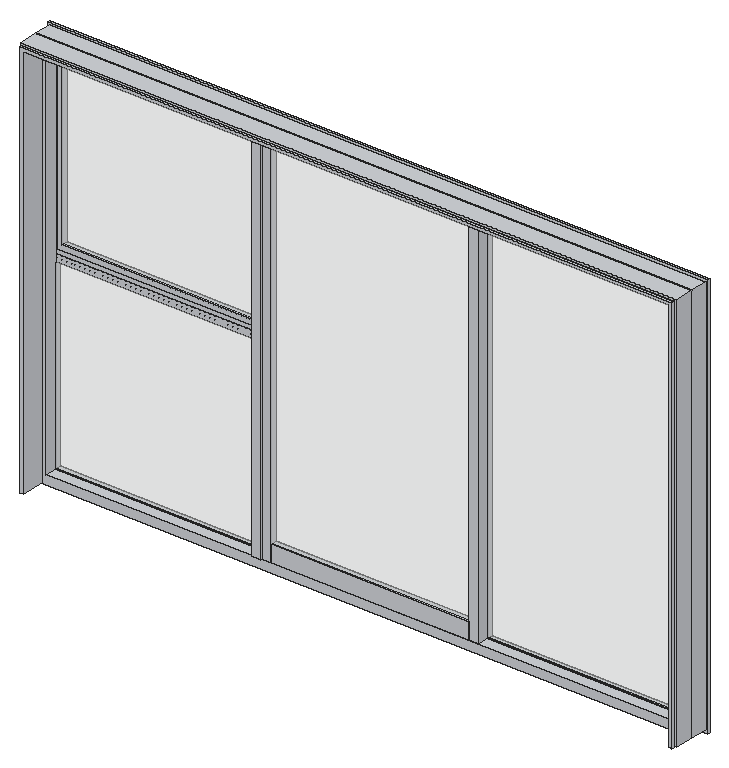
Revit family "APL Residential Thermal Heart Sliding Door FSF with Sidelight", category Doors, host Wall, Revit 2017 (continued)
Definition of nested family "APL Residential Thermal Heart Sliding Door FSF with Sidelight Vertical Section"
  Definition of nested family "Sill Fixed Sidelight"
    Definition of nested family "65596_Track"
      Lines and regions (mm)
        detail lines, in view "Ref. Level"
          curve 36: line (2.589, 26.264, 0) -> (6.566, 26.056, 0)
          curve 37: line (7.04, 25.557, 0) -> (7.04, 18.846, 0)
          curve 38: line (8.504, 15.311, 0) -> (10.85, 12.966, 0)
          curve 39: line (9.93, 12.046, 0) -> (7.585, 14.392, 0)
          curve 40: line (5.74, 18.846, 0) -> (5.74, 23.822, 0)
          curve 41: line (5.266, 24.322, 0) -> (3.105, 24.435, 0)
          curve 42: line (1, 22.438, 0) -> (1, 2, 0)
          curve 43: line (10.39, 0.2, 0) -> (10.39, 1.6, 0)
          curve 44: line (10.19, 1.8, 0) -> (-8.81, 1.8, 0)
          curve 45: line (-9.01, 1.6, 0) -> (-9.01, -1.3, 0)
          curve 46: line (-8.81, -1.5, 0) -> (-7.41, -1.5, 0)
          curve 47: line (-7.21, -1.3, 0) -> (-7.21, -0.2, 0)
          curve 48: line (-7.01, 0, 0) -> (8.715, 0, 0)
          curve 49: line (10.59, -1.3, 0) -> (11.89, -1.3, 0)
          curve 50: line (12.69, 0, 0) -> (10.59, 0, 0)
      Text (mm)
        text "65596" at (20.379, 15.04, 0), in view "Ref. Level"
    Definition of nested family "65380_Frame Sill"
      Reference planes
        plane 1 "Center (Front/Back)": y = 0
        plane 2: z = 0
        plane 3 "Center (Left/Right)": x = 0
      Lines and regions (mm)
        detail lines, in view "Ref. Level"
          curve 1: line (64.2, 16.468, 0) -> (65.701, 16.468, 0)
          curve 2: line (64.2, 22.468, 0) -> (65.7, 22.468, 0)
          curve 3: line (27.5, 8.7, 0) -> (29.442, 8.7, 0)
          curve 4: line (27.5, 14.7, 0) -> (29.4, 14.7, 0)
          curve 5: line (13.3, 8.6, 0) -> (15.2, 8.6, 0)
          curve 6: line (13.3, 14.6, 0) -> (15.2, 14.6, 0)
          curve 7: arc (10.8, 6.498, 0) -> (11.356, 7.843, 0) -> (12.7, 8.4, 0) r 1.9
          curve 8: arc (13.1, 8.4, 0) -> (13.241, 8.459, 0) -> (13.3, 8.6, 0) r 0.2
          curve 9: arc (13.3, 15.4, 0) -> (13.241, 15.542, 0) -> (13.1, 15.6, 0) r 0.2
          curve 10: arc (11, 15.6, 0) -> (10.859, 15.659, 0) -> (10.8, 15.8, 0) r 0.2
          curve 11: arc (10.8, 16.283, 0) -> (10.741, 16.425, 0) -> (10.6, 16.483, 0) r 0.2
          curve 12: arc (1.9, 16.483, 0) -> (1.546, 16.337, 0) -> (1.4, 15.983, 0) r 0.5
          curve 13: arc (1.4, 2.245, 0) -> (1.521, 1.632, 0) -> (1.869, 1.111, 0) r 1.6
          curve 14: arc (6.387, -3.407, 0) -> (6.711, -3.624, 0) -> (7.094, -3.7, 0) r 1
          curve 15: arc (9.8, -3.7, 0) -> (10.507, -3.407, 0) -> (10.8, -2.7, 0) r 1
          curve 16: arc (1.665, 23.622, 0) -> (1.729, 23.522, 0) -> (1.725, 23.403, 0) r 0.2
          curve 17: arc (1.725, 23.403, 0) -> (1.621, 23.234, 0) -> (1.453, 23.127, 0) r 0.45
          curve 18: arc (1.453, 23.127, 0) -> (1.357, 23.053, 0) -> (1.322, 22.936, 0) r 0.2
          curve 19: arc (1.379, 18.081, 0) -> (1.438, 17.941, 0) -> (1.579, 17.883, 0) r 0.2
          curve 20: arc (10.6, 17.883, 0) -> (10.741, 17.942, 0) -> (10.8, 18.083, 0) r 0.2
          curve 21: arc (10.8, 22.172, 0) -> (10.773, 22.272, 0) -> (10.7, 22.346, 0) r 0.2
          curve 22: arc (9.6, 22.981, 0) -> (9.38, 23.2, 0) -> (9.3, 23.5, 0) r 0.6
          curve 23: arc (9.3, 23.8, 0) -> (9.359, 23.942, 0) -> (9.5, 24, 0) r 0.2
          curve 24: arc (13.617, 24, 0) -> (13.922, 23.801, 0) -> (14.195, 24.043, 0) r 0.3
          curve 25: arc (14.195, 24.043, 0) -> (14.261, 24.181, 0) -> (14.387, 24.269, 0) r 0.3
          curve 26: arc (15.797, 24.782, 0) -> (16.083, 24.738, 0) -> (16.199, 24.474, 0) r 0.3
          curve 27: arc (15.992, 22.109, 0) -> (15.965, 22.008, 0) -> (15.905, 21.923, 0) r 0.3
          curve 28: arc (15.541, 21.559, 0) -> (15.348, 21.507, 0) -> (15.207, 21.648, 0) r 0.2
          curve 29: arc (15.162, 21.816, 0) -> (15.11, 21.905, 0) -> (15.021, 21.957, 0) r 0.2
          curve 30: arc (12.8, 22.5, 0) -> (12.52, 22.307, 0) -> (12.6, 21.977, 0) r 0.3
          curve 31: arc (12.6, 21.977, 0) -> (12.674, 21.875, 0) -> (12.7, 21.753, 0) r 0.3
          curve 32: arc (12.506, 17.75, 0) -> (12.542, 17.578, 0) -> (12.7, 17.5, 0) r 0.2
          curve 33: arc (13.221, 17.5, 0) -> (13.302, 17.511, 0) -> (13.377, 17.544, 0) r 0.3
          curve 34: arc (14.631, 18.309, 0) -> (14.628, 18.479, 0) -> (14.734, 18.611, 0) r 0.25
          curve 35: arc (14.82, 18.664, 0) -> (15.072, 18.668, 0) -> (15.2, 18.45, 0) r 0.25
          curve 36: arc (15.2, 8.6, 0) -> (15.259, 8.459, 0) -> (15.4, 8.4, 0) r 0.2
          curve 37: arc (16.479, 8.4, 0) -> (16.643, 8.315, 0) -> (16.667, 8.132, 0) r 0.2
          curve 38: arc (15.775, 5.682, 0) -> (15.702, 5.586, 0) -> (15.587, 5.55, 0) r 0.2
          curve 39: arc (15.353, 5.55, 0) -> (15.248, 5.52, 0) -> (15.174, 5.439, 0) r 0.2
          curve 40: arc (15.174, 5.439, 0) -> (15.019, 5.31, 0) -> (14.82, 5.337, 0) r 0.25
          curve 41: arc (14.734, 5.389, 0) -> (14.628, 5.521, 0) -> (14.631, 5.691, 0) r 0.25
          curve 42: arc (13.377, 6.456, 0) -> (13.302, 6.489, 0) -> (13.221, 6.5, 0) r 0.3
          curve 43: arc (12.7, 6.5, 0) -> (12.542, 6.423, 0) -> (12.506, 6.25, 0) r 0.2
          curve 44: arc (12.7, 2.247, 0) -> (12.674, 2.125, 0) -> (12.6, 2.024, 0) r 0.3
          curve 45: arc (12.6, 2.024, 0) -> (12.52, 1.693, 0) -> (12.8, 1.5, 0) r 0.3
          curve 46: arc (15.021, 2.043, 0) -> (15.11, 2.095, 0) -> (15.162, 2.185, 0) r 0.2
          curve 47: arc (15.207, 2.352, 0) -> (15.348, 2.493, 0) -> (15.541, 2.442, 0) r 0.2
          curve 48: arc (15.905, 2.078, 0) -> (15.965, 1.993, 0) -> (15.992, 1.892, 0) r 0.3
          curve 49: arc (16.199, -0.474, 0) -> (16.083, -0.738, 0) -> (15.797, -0.782, 0) r 0.3
          curve 50: arc (14.387, -0.268, 0) -> (14.261, -0.181, 0) -> (14.195, -0.043, 0) r 0.3
          curve 51: arc (14.195, -0.043, 0) -> (13.922, 0.199, 0) -> (13.617, 0, 0) r 0.3
          curve 52: arc (12.6, 0, 0) -> (12.459, -0.058, 0) -> (12.4, -0.2, 0) r 0.2
          curve 53: arc (12.4, -2.696, 0) -> (11.64, -4.537, 0) -> (9.8, -5.3, 0) r 2.6
          curve 54: arc (7.9, -5.3, 0) -> (7.547, -5.446, 0) -> (7.4, -5.8, 0) r 0.5
          curve 55: arc (7.4, -13.402, 0) -> (7.508, -13.581, 0) -> (7.716, -13.566, 0) r 0.2
          curve 56: arc (7.716, -13.566, 0) -> (8.721, -13.692, 0) -> (8.684, -14.705, 0) r 0.75
          curve 57: arc (8.684, -14.705, 0) -> (8.15, -16.005, 0) -> (8.684, -17.305, 0) r 1.85
          curve 58: arc (8.684, -17.305, 0) -> (8.794, -17.447, 0) -> (8.867, -17.611, 0) r 0.75
          curve 59: arc (8.867, -17.611, 0) -> (8.97, -17.795, 0) -> (9.14, -17.921, 0) r 0.5
          curve 60: arc (9.14, -17.921, 0) -> (10, -18.105, 0) -> (10.86, -17.921, 0) r 2.1
          curve 61: arc (10.86, -17.921, 0) -> (11.03, -17.795, 0) -> (11.133, -17.611, 0) r 0.5
          curve 62: arc (11.133, -17.611, 0) -> (11.206, -17.447, 0) -> (11.316, -17.305, 0) r 0.75
          curve 63: arc (11.316, -17.305, 0) -> (11.85, -16.005, 0) -> (11.316, -14.705, 0) r 1.85
          curve 64: arc (11.316, -14.705, 0) -> (11.323, -13.644, 0) -> (12.384, -13.651, 0) r 0.75
          curve 65: arc (12.384, -13.651, 0) -> (13.348, -15.881, 0) -> (12.551, -18.176, 0) r 3.35
          curve 66: arc (12.551, -18.176, 0) -> (12.478, -18.71, 0) -> (12.932, -19, 0) r 0.5
          curve 67: arc (13.15, -19, 0) -> (13.291, -19.058, 0) -> (13.35, -19.2, 0) r 0.2
          curve 68: arc (13.35, -19.5, 0) -> (13.204, -19.853, 0) -> (12.85, -20, 0) r 0.5
          curve 69: arc (7, -20, 0) -> (6.293, -19.707, 0) -> (6, -19, 0) r 1
          curve 70: arc (6, -6.242, 0) -> (5.772, -5.094, 0) -> (5.121, -4.121, 0) r 3
          curve 71: arc (0.879, 0.122, 0) -> (0.228, 1.095, 0) -> (0, 2.243, 0) r 3
          curve 72: arc (0, 23.8, 0) -> (0.059, 23.942, 0) -> (0.2, 24, 0) r 0.2
          curve 73: line (10.8, -2.7, 0) -> (10.8, 6.498, 0)
          curve 74: line (12.7, 8.4, 0) -> (13.1, 8.4, 0)
          curve 75: line (13.1, 15.6, 0) -> (11, 15.6, 0)
          curve 76: line (10.8, 15.8, 0) -> (10.8, 16.283, 0)
          curve 77: line (10.6, 16.483, 0) -> (1.9, 16.483, 0)
          curve 78: line (1.4, 15.983, 0) -> (1.4, 2.245, 0)
          curve 79: line (1.869, 1.111, 0) -> (6.387, -3.407, 0)
          curve 80: line (7.094, -3.7, 0) -> (9.8, -3.7, 0)
          curve 81: line (1.322, 22.936, 0) -> (1.379, 18.081, 0)
          curve 82: line (1.579, 17.883, 0) -> (10.6, 17.883, 0)
          curve 83: line (10.8, 18.083, 0) -> (10.8, 22.172, 0)
          curve 84: line (10.7, 22.346, 0) -> (9.6, 22.981, 0)
          curve 85: line (9.3, 23.5, 0) -> (9.3, 23.8, 0)
          curve 86: line (9.5, 24, 0) -> (13.617, 24, 0)
          curve 87: line (14.387, 24.269, 0) -> (15.797, 24.782, 0)
          curve 88: line (16.199, 24.474, 0) -> (15.992, 22.109, 0)
          curve 89: line (15.905, 21.923, 0) -> (15.541, 21.559, 0)
          curve 90: line (15.207, 21.648, 0) -> (15.162, 21.816, 0)
          curve 91: line (15.021, 21.957, 0) -> (13.032, 22.49, 0)
          curve 92: line (12.7, 21.753, 0) -> (12.7, 18.526, 0)
          curve 93: line (12.7, 18.5, 0) -> (12.506, 17.75, 0)
          curve 94: line (12.7, 17.5, 0) -> (13.221, 17.5, 0)
          curve 95: line (13.377, 17.544, 0) -> (14.631, 18.309, 0)
          curve 96: line (15.2, 18.45, 0) -> (15.2, 16.875, 0)
          curve 97: line (15.2, 16.875, 0) -> (15.2, 8.6, 0)
          curve 98: line (15.2, 8.6, 0) -> (13.3, 8.6, 0)
          curve 99: line (13.3, 8.6, 0) -> (13.3, 15.4, 0)
          curve 100: line (15.4, 8.4, 0) -> (16.479, 8.4, 0)
          curve 101: line (16.667, 8.132, 0) -> (15.775, 5.682, 0)
          curve 102: line (15.587, 5.55, 0) -> (15.353, 5.55, 0)
          curve 103: line (14.631, 5.691, 0) -> (13.377, 6.456, 0)
          curve 104: line (13.221, 6.5, 0) -> (12.7, 6.5, 0)
          curve 105: line (12.506, 6.25, 0) -> (12.7, 5.5, 0)
          curve 106: line (12.7, 5.475, 0) -> (12.7, 2.247, 0)
          curve 107: line (13.032, 1.51, 0) -> (15.021, 2.043, 0)
          curve 108: line (15.162, 2.185, 0) -> (15.207, 2.352, 0)
          curve 109: line (15.541, 2.442, 0) -> (15.905, 2.078, 0)
          curve 110: line (15.992, 1.892, 0) -> (16.199, -0.474, 0)
          curve 111: line (15.797, -0.782, 0) -> (14.387, -0.268, 0)
          curve 112: line (13.617, 0, 0) -> (12.6, 0, 0)
          curve 113: line (12.4, -0.2, 0) -> (12.4, -2.696, 0)
          curve 114: line (9.8, -5.3, 0) -> (7.9, -5.3, 0)
          curve 115: line (7.4, -5.8, 0) -> (7.4, -13.402, 0)
          curve 116: line (12.932, -19, 0) -> (13.15, -19, 0)
          curve 117: line (13.35, -19.2, 0) -> (13.35, -19.5, 0)
          curve 118: line (12.85, -20, 0) -> (7, -20, 0)
          curve 119: line (6, -19, 0) -> (6, -6.242, 0)
          curve 120: line (5.121, -4.121, 0) -> (0.879, 0.122, 0)
          curve 121: line (0, 2.243, 0) -> (0, 23.8, 0)
          curve 122: line (0.2, 24, 0) -> (1.141, 24, 0)
          curve 123: line (1.269, 23.953, 0) -> (1.665, 23.622, 0)
          curve 124: line (13.3, 14.6, 0) -> (15.2, 14.6, 0)
          curve 125: arc (64.2, 16.468, 0) -> (64.076, 16.138, 0) -> (63.765, 15.972, 0) r 0.5
          curve 126: arc (63.765, 15.972, 0) -> (62.349, 15.442, 0) -> (61.309, 14.343, 0) r 3.35
          curve 127: arc (61.309, 14.343, 0) -> (61.577, 13.317, 0) -> (62.604, 13.585, 0) r 0.75
          curve 128: arc (62.604, 13.585, 0) -> (63.721, 14.437, 0) -> (65.115, 14.258, 0) r 1.85
          curve 129: arc (65.115, 14.258, 0) -> (65.281, 14.189, 0) -> (65.459, 14.161, 0) r 0.75
          curve 130: arc (65.459, 14.161, 0) -> (65.663, 14.108, 0) -> (65.828, 13.977, 0) r 0.5
          curve 131: arc (65.828, 13.977, 0) -> (66.3, 12.65, 0) -> (65.828, 11.324, 0) r 2.1
          curve 132: arc (65.828, 11.324, 0) -> (65.663, 11.192, 0) -> (65.459, 11.14, 0) r 0.5
          curve 133: arc (65.459, 11.14, 0) -> (65.281, 11.112, 0) -> (65.115, 11.042, 0) r 0.75
          curve 134: arc (65.115, 11.042, 0) -> (64.2, 10.8, 0) -> (63.285, 11.042, 0) r 1.85
          curve 135: arc (63.285, 11.042, 0) -> (62.738, 11.119, 0) -> (62.286, 10.8, 0) r 0.75
          curve 136: arc (39.189, 9.622, 0) -> (38.199, 9.316, 0) -> (37.363, 8.704, 0) r 3.126
          curve 137: arc (37.363, 8.704, 0) -> (37.013, 8.479, 0) -> (36.605, 8.4, 0) r 1.1
          curve 138: arc (29.901, 8.4, 0) -> (29.547, 8.546, 0) -> (29.4, 8.9, 0) r 0.5
          curve 139: arc (29.4, 22, 0) -> (29.546, 22.354, 0) -> (29.9, 22.5, 0) r 0.5
          curve 140: arc (44.4, 22.5, 0) -> (45.602, 22.998, 0) -> (46.1, 24.2, 0) r 1.7
          curve 141: arc (46.147, 35.534, 0) -> (46.409, 35.986, 0) -> (46.5, 36.5, 0) r 1.5
          curve 142: arc (46.5, 41.1, 0) -> (46.646, 41.454, 0) -> (47, 41.6, 0) r 0.5
          curve 143: arc (65.699, 41.6, 0) -> (66.053, 41.454, 0) -> (66.2, 41.1, 0) r 0.5
          curve 144: arc (66.2, 32, 0) -> (65.978, 30.526, 0) -> (65.33, 29.183, 0) r 5
          curve 145: arc (65.33, 29.183, 0) -> (64.489, 27.436, 0) -> (64.2, 25.519, 0) r 6.5
          curve 146: arc (27.317, 8.501, 0) -> (27.447, 8.565, 0) -> (27.5, 8.7, 0) r 0.2
          curve 147: arc (23.754, 8.189, 0) -> (23.602, 8.097, 0) -> (23.583, 7.922, 0) r 0.2
          curve 148: arc (24.399, 5.679, 0) -> (24.668, 5.392, 0) -> (25.06, 5.388, 0) r 0.5
          curve 149: arc (25.06, 5.388, 0) -> (25.211, 5.303, 0) -> (25.38, 5.337, 0) r 0.25
          curve 150: arc (25.466, 5.389, 0) -> (25.572, 5.521, 0) -> (25.569, 5.691, 0) r 0.25
          curve 151: arc (26.823, 6.456, 0) -> (26.898, 6.489, 0) -> (26.979, 6.5, 0) r 0.3
          curve 152: arc (27.5, 6.5, 0) -> (27.658, 6.423, 0) -> (27.694, 6.25, 0) r 0.2
          curve 153: arc (27.5, 2.247, 0) -> (27.526, 2.125, 0) -> (27.6, 2.024, 0) r 0.3
          curve 154: arc (27.6, 2.024, 0) -> (27.68, 1.693, 0) -> (27.4, 1.5, 0) r 0.3
          curve 155: arc (25.179, 2.043, 0) -> (25.09, 2.095, 0) -> (25.038, 2.185, 0) r 0.2
          curve 156: arc (24.993, 2.352, 0) -> (24.852, 2.493, 0) -> (24.659, 2.442, 0) r 0.2
          curve 157: arc (24.295, 2.078, 0) -> (24.235, 1.993, 0) -> (24.208, 1.892, 0) r 0.3
          curve 158: arc (24.001, -0.474, 0) -> (24.117, -0.738, 0) -> (24.403, -0.782, 0) r 0.3
          curve 159: arc (25.813, -0.268, 0) -> (25.939, -0.181, 0) -> (26.005, -0.043, 0) r 0.3
          curve 160: arc (26.005, -0.043, 0) -> (26.278, 0.199, 0) -> (26.583, 0, 0) r 0.3
          curve 161: arc (28.9, 0, 0) -> (29.254, 0.147, 0) -> (29.4, 0.5, 0) r 0.5
          curve 162: arc (29.4, 6.1, 0) -> (29.546, 6.454, 0) -> (29.9, 6.6, 0) r 0.499
          curve 163: arc (37.767, 6.6, 0) -> (38.931, 6.835, 0) -> (39.913, 7.503, 0) r 2.996
          curve 164: arc (39.913, 7.503, 0) -> (40.232, 7.731, 0) -> (40.611, 7.831, 0) r 1.1
          curve 165: arc (68.1, 8.9, 0) -> (68.241, 8.842, 0) -> (68.3, 8.7, 0) r 0.2
          curve 166: arc (68.3, 0.5, 0) -> (68.446, 0.147, 0) -> (68.8, 0, 0) r 0.5
          curve 167: arc (71.117, 0, 0) -> (71.422, 0.199, 0) -> (71.695, -0.043, 0) r 0.3
          curve 168: arc (71.695, -0.043, 0) -> (71.761, -0.181, 0) -> (71.887, -0.268, 0) r 0.3
          curve 169: arc (73.297, -0.782, 0) -> (73.583, -0.738, 0) -> (73.699, -0.474, 0) r 0.3
          curve 170: arc (73.492, 1.892, 0) -> (73.465, 1.993, 0) -> (73.405, 2.078, 0) r 0.3
          curve 171: arc (73.041, 2.442, 0) -> (72.848, 2.493, 0) -> (72.707, 2.352, 0) r 0.2
          curve 172: arc (72.662, 2.185, 0) -> (72.61, 2.095, 0) -> (72.521, 2.043, 0) r 0.2
          curve 173: arc (70.3, 1.5, 0) -> (70.02, 1.693, 0) -> (70.1, 2.024, 0) r 0.3
          curve 174: arc (70.1, 2.024, 0) -> (70.174, 2.125, 0) -> (70.2, 2.247, 0) r 0.3
          curve 175: arc (70.006, 6.25, 0) -> (70.042, 6.423, 0) -> (70.2, 6.5, 0) r 0.2
          curve 176: arc (70.721, 6.5, 0) -> (70.802, 6.489, 0) -> (70.877, 6.456, 0) r 0.3
          curve 177: arc (72.131, 5.691, 0) -> (72.128, 5.521, 0) -> (72.234, 5.389, 0) r 0.25
          curve 178: arc (72.32, 5.337, 0) -> (72.572, 5.332, 0) -> (72.7, 5.55, 0) r 0.25
          curve 179: arc (72.7, 7.124, 0) -> (72.618, 7.522, 0) -> (72.385, 7.854, 0) r 1
          curve 180: arc (72.385, 7.854, 0) -> (72.322, 8, 0) -> (72.385, 8.146, 0) r 0.2
          curve 181: arc (72.385, 8.146, 0) -> (72.618, 8.478, 0) -> (72.7, 8.875, 0) r 1
          curve 182: arc (72.7, 10.449, 0) -> (72.573, 10.668, 0) -> (72.32, 10.664, 0) r 0.25
          curve 183: arc (72.234, 10.612, 0) -> (72.128, 10.479, 0) -> (72.131, 10.309, 0) r 0.25
          curve 184: arc (70.877, 9.544, 0) -> (70.802, 9.511, 0) -> (70.721, 9.5, 0) r 0.3
          curve 185: arc (70.2, 9.5, 0) -> (70.042, 9.578, 0) -> (70.006, 9.75, 0) r 0.2
          curve 186: arc (70.2, 13.754, 0) -> (70.174, 13.876, 0) -> (70.1, 13.977, 0) r 0.3
          curve 187: arc (70.1, 13.977, 0) -> (70.02, 14.307, 0) -> (70.3, 14.5, 0) r 0.3
          curve 188: arc (72.521, 13.957, 0) -> (72.61, 13.905, 0) -> (72.662, 13.816, 0) r 0.2
          curve 189: arc (72.707, 13.648, 0) -> (72.848, 13.507, 0) -> (73.041, 13.559, 0) r 0.2
          curve 190: arc (73.405, 13.923, 0) -> (73.465, 14.008, 0) -> (73.492, 14.109, 0) r 0.3
          curve 191: arc (73.699, 16.474, 0) -> (73.583, 16.738, 0) -> (73.297, 16.782, 0) r 0.3
          curve 192: arc (71.887, 16.269, 0) -> (71.761, 16.181, 0) -> (71.695, 16.043, 0) r 0.3
          curve 193: arc (71.695, 16.043, 0) -> (71.422, 15.801, 0) -> (71.117, 16, 0) r 0.3
          curve 194: arc (66.201, 16, 0) -> (65.847, 16.146, 0) -> (65.7, 16.5, 0) r 0.5
          curve 195: arc (65.7, 25.519, 0) -> (65.922, 26.994, 0) -> (66.57, 28.337, 0) r 5
          curve 196: arc (66.57, 28.337, 0) -> (67.411, 30.083, 0) -> (67.7, 32, 0) r 6.5
          curve 197: arc (67.7, 33.1, 0) -> (67.759, 33.242, 0) -> (67.9, 33.3, 0) r 0.2
          curve 198: arc (69.3, 33.3, 0) -> (69.441, 33.242, 0) -> (69.5, 33.1, 0) r 0.2
          curve 199: arc (69.5, 32.8, 0) -> (70, 32.299, 0) -> (70.5, 32.8, 0) r 0.5
          curve 200: arc (70.5, 35.351, 0) -> (69.999, 35.85, 0) -> (69.5, 35.35, 0) r 0.5
          curve 201: arc (69.5, 34.5, 0) -> (69.441, 34.359, 0) -> (69.3, 34.3, 0) r 0.2
          curve 202: arc (67.9, 34.3, 0) -> (67.759, 34.359, 0) -> (67.7, 34.5, 0) r 0.2
          curve 203: arc (67.7, 41.8, 0) -> (67.759, 41.942, 0) -> (67.9, 42, 0) r 0.2
          curve 204: arc (69.3, 42, 0) -> (69.441, 41.942, 0) -> (69.5, 41.8, 0) r 0.2
          curve 205: arc (69.5, 40.95, 0) -> (70, 40.449, 0) -> (70.5, 40.95, 0) r 0.5
          curve 206: arc (70.5, 42.499, 0) -> (70.354, 42.853, 0) -> (70, 43, 0) r 0.5
          curve 207: arc (42.7, 43, 0) -> (42.559, 42.942, 0) -> (42.5, 42.8, 0) r 0.2
          curve 208: arc (42.5, 41.25, 0) -> (43, 40.75, 0) -> (43.5, 41.25, 0) r 0.5
          curve 209: arc (43.5, 41.8, 0) -> (43.559, 41.942, 0) -> (43.7, 42, 0) r 0.2
          curve 210: arc (44.8, 42, 0) -> (44.941, 41.942, 0) -> (45, 41.8, 0) r 0.2
          curve 211: arc (45, 36.7, 0) -> (44.941, 36.559, 0) -> (44.8, 36.5, 0) r 0.2
          curve 212: arc (43.7, 36.5, 0) -> (43.559, 36.559, 0) -> (43.5, 36.7, 0) r 0.2
          curve 213: arc (43.5, 37.25, 0) -> (43, 37.749, 0) -> (42.5, 37.25, 0) r 0.5
          curve 214: arc (42.5, 36.5, 0) -> (42.793, 35.793, 0) -> (43.5, 35.5, 0) r 1
          curve 215: arc (44.395, 35.5, 0) -> (44.539, 35.443, 0) -> (44.6, 35.3, 0) r 0.202
          curve 216: arc (44.6, 24.2, 0) -> (44.538, 24.058, 0) -> (44.395, 24, 0) r 0.205
          curve 217: arc (26.583, 24, 0) -> (26.278, 23.801, 0) -> (26.005, 24.043, 0) r 0.3
          curve 218: arc (26.005, 24.043, 0) -> (25.939, 24.181, 0) -> (25.813, 24.269, 0) r 0.3
          curve 219: arc (24.403, 24.782, 0) -> (24.117, 24.738, 0) -> (24.001, 24.474, 0) r 0.3
          curve 220: arc (24.208, 22.109, 0) -> (24.235, 22.008, 0) -> (24.295, 21.923, 0) r 0.3
          curve 221: arc (24.659, 21.559, 0) -> (24.852, 21.507, 0) -> (24.993, 21.648, 0) r 0.2
          curve 222: arc (25.038, 21.816, 0) -> (25.09, 21.905, 0) -> (25.179, 21.957, 0) r 0.2
          curve 223: arc (27.4, 22.5, 0) -> (27.68, 22.307, 0) -> (27.6, 21.977, 0) r 0.3
          curve 224: arc (27.6, 21.977, 0) -> (27.526, 21.875, 0) -> (27.5, 21.753, 0) r 0.3
          curve 225: arc (27.694, 17.75, 0) -> (27.658, 17.578, 0) -> (27.5, 17.5, 0) r 0.2
          curve 226: arc (26.979, 17.5, 0) -> (26.898, 17.511, 0) -> (26.823, 17.544, 0) r 0.3
          curve 227: arc (25.569, 18.309, 0) -> (25.572, 18.479, 0) -> (25.466, 18.612, 0) r 0.25
          curve 228: arc (25.38, 18.664, 0) -> (25.128, 18.668, 0) -> (25, 18.45, 0) r 0.25
          curve 229: arc (25, 16.875, 0) -> (25.128, 16.385, 0) -> (25.479, 16.021, 0) r 1
          curve 230: line (64.2, 22.468, 0) -> (65.7, 22.468, 0)
          curve 231: line (62.286, 10.8, 0) -> (53.629, 10.8, 0)
          curve 232: line (53.629, 10.8, 0) -> (39.189, 9.622, 0)
          curve 233: line (36.605, 8.4, 0) -> (29.901, 8.4, 0)
          curve 234: line (29.4, 8.9, 0) -> (29.4, 22, 0)
          curve 235: line (29.9, 22.5, 0) -> (44.4, 22.5, 0)
          curve 236: line (46.1, 24.2, 0) -> (46.1, 35.405, 0)
          curve 237: line (46.5, 36.5, 0) -> (46.5, 41.1, 0)
          curve 238: line (47, 41.6, 0) -> (65.699, 41.6, 0)
          curve 239: line (66.2, 41.1, 0) -> (66.2, 32, 0)
          curve 240: line (64.2, 25.519, 0) -> (64.2, 16.468, 0)
          curve 241: line (64.2, 16.468, 0) -> (65.701, 16.468, 0)
          curve 242: line (27.5, 14.7, 0) -> (29.4, 14.7, 0)
          curve 243: line (27.317, 8.501, 0) -> (23.754, 8.189, 0)
          curve 244: line (23.583, 7.922, 0) -> (24.399, 5.679, 0)
          curve 245: line (25.569, 5.691, 0) -> (26.823, 6.456, 0)
          curve 246: line (26.979, 6.5, 0) -> (27.5, 6.5, 0)
          curve 247: line (27.694, 6.25, 0) -> (27.5, 5.5, 0)
          curve 248: line (27.5, 5.475, 0) -> (27.5, 2.247, 0)
          curve 249: line (27.168, 1.51, 0) -> (25.179, 2.043, 0)
          curve 250: line (25.038, 2.185, 0) -> (24.993, 2.352, 0)
          curve 251: line (24.659, 2.442, 0) -> (24.295, 2.078, 0)
          curve 252: line (24.208, 1.892, 0) -> (24.001, -0.474, 0)
          curve 253: line (24.403, -0.782, 0) -> (25.813, -0.268, 0)
          curve 254: line (26.583, 0, 0) -> (28.9, 0, 0)
          curve 255: line (29.4, 0.5, 0) -> (29.4, 6.1, 0)
          curve 256: line (29.9, 6.6, 0) -> (33.5, 6.6, 0)
          curve 257: line (33.5, 6.6, 0) -> (33.9, 7, 0)
          curve 258: line (33.9, 7, 0) -> (34.3, 6.6, 0)
          curve 259: line (34.3, 6.6, 0) -> (37.767, 6.6, 0)
          curve 260: line (40.611, 7.831, 0) -> (53.707, 8.9, 0)
          curve 261: line (53.707, 8.9, 0) -> (58.307, 8.9, 0)
          curve 262: line (58.307, 8.9, 0) -> (58.707, 9.3, 0)
          curve 263: line (58.707, 9.3, 0) -> (59.107, 8.9, 0)
          curve 264: line (59.107, 8.9, 0) -> (68.1, 8.9, 0)
          curve 265: line (68.3, 8.7, 0) -> (68.3, 0.5, 0)
          curve 266: line (68.8, 0, 0) -> (71.117, 0, 0)
          curve 267: line (71.887, -0.268, 0) -> (73.297, -0.782, 0)
          curve 268: line (73.699, -0.474, 0) -> (73.492, 1.892, 0)
          curve 269: line (73.405, 2.078, 0) -> (73.041, 2.442, 0)
          curve 270: line (72.707, 2.352, 0) -> (72.662, 2.185, 0)
          curve 271: line (72.521, 2.043, 0) -> (70.532, 1.51, 0)
          curve 272: line (70.2, 2.247, 0) -> (70.2, 5.475, 0)
          curve 273: line (70.2, 5.5, 0) -> (70.006, 6.25, 0)
          curve 274: line (70.2, 6.5, 0) -> (70.721, 6.5, 0)
          curve 275: line (70.877, 6.456, 0) -> (72.131, 5.691, 0)
          curve 276: line (72.7, 5.55, 0) -> (72.7, 7.124, 0)
          curve 277: line (72.7, 8.875, 0) -> (72.7, 10.449, 0)
          curve 278: line (72.131, 10.309, 0) -> (70.877, 9.544, 0)
          curve 279: line (70.721, 9.5, 0) -> (70.2, 9.5, 0)
          curve 280: line (70.006, 9.75, 0) -> (70.2, 10.5, 0)
          curve 281: line (70.2, 10.526, 0) -> (70.2, 13.753, 0)
          curve 282: line (70.532, 14.49, 0) -> (72.521, 13.957, 0)
          curve 283: line (72.662, 13.816, 0) -> (72.707, 13.648, 0)
          curve 284: line (73.041, 13.559, 0) -> (73.405, 13.923, 0)
          curve 285: line (73.492, 14.109, 0) -> (73.699, 16.474, 0)
          curve 286: line (73.297, 16.782, 0) -> (71.887, 16.269, 0)
          curve 287: line (71.117, 16, 0) -> (66.201, 16, 0)
          curve 288: line (65.7, 16.5, 0) -> (65.7, 25.519, 0)
          curve 289: line (67.7, 32, 0) -> (67.7, 33.1, 0)
          curve 290: line (67.9, 33.3, 0) -> (69.3, 33.3, 0)
          curve 291: line (69.5, 33.1, 0) -> (69.5, 32.8, 0)
          curve 292: line (70.5, 32.8, 0) -> (70.5, 35.351, 0)
          curve 293: line (69.5, 35.35, 0) -> (69.5, 34.5, 0)
          curve 294: line (69.3, 34.3, 0) -> (67.9, 34.3, 0)
          curve 295: line (67.7, 34.5, 0) -> (67.7, 41.8, 0)
          curve 296: line (67.9, 42, 0) -> (69.3, 42, 0)
          curve 297: line (69.5, 41.8, 0) -> (69.5, 40.95, 0)
          curve 298: line (70.5, 40.95, 0) -> (70.5, 42.499, 0)
          curve 299: line (70, 43, 0) -> (42.7, 43, 0)
          curve 300: line (42.5, 42.8, 0) -> (42.5, 41.25, 0)
          curve 301: line (43.5, 41.25, 0) -> (43.5, 41.8, 0)
          curve 302: line (43.7, 42, 0) -> (44.8, 42, 0)
          curve 303: line (45, 41.8, 0) -> (45, 36.7, 0)
          curve 304: line (44.8, 36.5, 0) -> (43.7, 36.5, 0)
          curve 305: line (43.5, 36.7, 0) -> (43.5, 37.25, 0)
          curve 306: line (42.5, 37.25, 0) -> (42.5, 36.5, 0)
          curve 307: line (43.5, 35.5, 0) -> (44.395, 35.5, 0)
          curve 308: line (44.6, 35.3, 0) -> (44.6, 24.2, 0)
          curve 309: line (44.395, 24, 0) -> (34.3, 24, 0)
          curve 310: line (34.3, 24, 0) -> (33.9, 23.6, 0)
          curve 311: line (33.9, 23.6, 0) -> (33.5, 24, 0)
          curve 312: line (33.5, 24, 0) -> (26.583, 24, 0)
          curve 313: line (25.813, 24.269, 0) -> (24.403, 24.782, 0)
          curve 314: line (24.001, 24.474, 0) -> (24.208, 22.109, 0)
          curve 315: line (24.295, 21.923, 0) -> (24.659, 21.559, 0)
          curve 316: line (24.993, 21.648, 0) -> (25.038, 21.816, 0)
          curve 317: line (25.179, 21.957, 0) -> (27.168, 22.49, 0)
          curve 318: line (27.5, 21.753, 0) -> (27.5, 18.526, 0)
          curve 319: line (27.5, 18.5, 0) -> (27.694, 17.75, 0)
          curve 320: line (27.5, 17.5, 0) -> (26.979, 17.5, 0)
          curve 321: line (26.823, 17.544, 0) -> (25.569, 18.309, 0)
          curve 322: line (25, 18.45, 0) -> (25, 16.875, 0)
          curve 323: line (25.479, 16.021, 0) -> (26.284, 15.53, 0)
          curve 324: line (26.389, 15.5, 0) -> (27.5, 15.5, 0)
          curve 325: line (27.5, 15.5, 0) -> (27.5, 8.7, 0)
          curve 326: line (27.5, 8.7, 0) -> (29.442, 8.7, 0)
          curve 327: arc (113.4, 35.877, 0) -> (113.327, 35.95, 0) -> (113.3, 36.05, 0) r 0.2
          curve 328: arc (113.3, 40.25, 0) -> (113.327, 40.35, 0) -> (113.4, 40.423, 0) r 0.2
          curve 329: arc (113.4, 40.423, 0) -> (113.473, 40.497, 0) -> (113.5, 40.597, 0) r 0.2
          curve 330: arc (113.5, 41.8, 0) -> (113.441, 41.942, 0) -> (113.3, 42, 0) r 0.2
          curve 331: arc (111.701, 42, 0) -> (111.559, 41.942, 0) -> (111.5, 41.8, 0) r 0.2
          curve 332: arc (111.5, 40.95, 0) -> (111, 40.451, 0) -> (110.5, 40.95, 0) r 0.5
          curve 333: arc (110.5, 42.5, 0) -> (110.646, 42.854, 0) -> (111, 43, 0) r 0.499
          curve 334: arc (114.5, 43, 0) -> (114.847, 42.848, 0) -> (115, 42.5, 0) r 0.523
          curve 335: arc (115, 21.5, 0) -> (114.856, 21.145, 0) -> (114.5, 21, 0) r 0.493
          curve 336: arc (111.7, 21, 0) -> (111.558, 20.942, 0) -> (111.5, 20.8, 0) r 0.199
          curve 337: arc (111.5, 13.2, 0) -> (110.852, 11.56, 0) -> (109.258, 10.805, 0) r 2.399
          curve 338: arc (109.258, 10.805, 0) -> (108.878, 10.589, 0) -> (108.814, 10.156, 0) r 0.5
          curve 339: arc (108.814, 10.156, 0) -> (109, 8.953, 0) -> (108.816, 7.75, 0) r 4
          curve 340: arc (108.816, 7.75, 0) -> (108.89, 7.304, 0) -> (109.293, 7.1, 0) r 0.5
          curve 341: arc (109.5, 7.1, 0) -> (110.914, 6.514, 0) -> (111.5, 5.1, 0) r 2.001
          curve 342: arc (120.75, 1.5, 0) -> (121.501, 0.747, 0) -> (120.745, 0, 0) r 0.75
          curve 343: arc (111.5, 0, 0) -> (110.439, 0.44, 0) -> (110, 1.5, 0) r 1.5
          curve 344: arc (110, 5, 0) -> (109.941, 5.142, 0) -> (109.8, 5.2, 0) r 0.2
          curve 345: arc (100.5, 5.2, 0) -> (100.146, 5.347, 0) -> (100, 5.7, 0) r 0.5
          curve 346: arc (100, 6.2, 0) -> (100.146, 6.554, 0) -> (100.5, 6.7, 0) r 0.5
          curve 347: arc (101.927, 6.7, 0) -> (102.266, 6.833, 0) -> (102.426, 7.16, 0) r 0.5
          curve 348: arc (102.426, 7.16, 0) -> (102.912, 7.803, 0) -> (103.7, 7.634, 0) r 0.75
          curve 349: arc (103.7, 7.634, 0) -> (105, 7.1, 0) -> (106.3, 7.634, 0) r 1.85
          curve 350: arc (106.3, 7.634, 0) -> (106.442, 7.744, 0) -> (106.607, 7.817, 0) r 0.75
          curve 351: arc (106.607, 7.817, 0) -> (106.791, 7.92, 0) -> (106.916, 8.09, 0) r 0.5
          curve 352: arc (106.916, 8.09, 0) -> (107.1, 8.95, 0) -> (106.916, 9.81, 0) r 2.1
          curve 353: arc (106.916, 9.81, 0) -> (106.791, 9.98, 0) -> (106.607, 10.083, 0) r 0.5
          curve 354: arc (106.607, 10.083, 0) -> (106.442, 10.156, 0) -> (106.3, 10.267, 0) r 0.75
          curve 355: arc (106.3, 10.267, 0) -> (105, 10.8, 0) -> (103.7, 10.267, 0) r 1.85
          curve 356: arc (103.7, 10.267, 0) -> (103.027, 10.065, 0) -> (102.482, 10.509, 0) r 0.75
          curve 357: arc (102.482, 10.509, 0) -> (102.32, 10.716, 0) -> (102.075, 10.812, 0) r 0.5
          curve 358: arc (102.075, 10.812, 0) -> (101.154, 11.141, 0) -> (100.481, 11.85, 0) r 2.1
          curve 359: arc (100.481, 11.85, 0) -> (100.298, 12.033, 0) -> (100.048, 12.1, 0) r 0.5
          curve 360: arc (91.556, 12.1, 0) -> (91.287, 12.022, 0) -> (91.103, 11.812, 0) r 0.5
          curve 361: arc (91.103, 11.812, 0) -> (90.328, 10.929, 0) -> (89.2, 10.6, 0) r 2.1
          curve 362: arc (87.9, 10.6, 0) -> (87.193, 10.307, 0) -> (86.9, 9.6, 0) r 1
          curve 363: arc (86.9, 0.5, 0) -> (86.754, 0.147, 0) -> (86.4, 0, 0) r 0.5
          curve 364: arc (84.083, 0, 0) -> (83.778, 0.199, 0) -> (83.505, -0.043, 0) r 0.3
          curve 365: arc (83.505, -0.043, 0) -> (83.439, -0.181, 0) -> (83.313, -0.268, 0) r 0.3
          curve 366: arc (81.903, -0.782, 0) -> (81.617, -0.738, 0) -> (81.501, -0.474, 0) r 0.3
          curve 367: arc (81.708, 1.892, 0) -> (81.735, 1.993, 0) -> (81.795, 2.078, 0) r 0.3
          curve 368: arc (82.159, 2.442, 0) -> (82.352, 2.493, 0) -> (82.493, 2.352, 0) r 0.2
          curve 369: arc (82.538, 2.185, 0) -> (82.59, 2.095, 0) -> (82.679, 2.043, 0) r 0.2
          curve 370: arc (84.9, 1.5, 0) -> (85.18, 1.693, 0) -> (85.1, 2.024, 0) r 0.3
          curve 371: arc (85.1, 2.024, 0) -> (85.026, 2.125, 0) -> (85, 2.247, 0) r 0.3
          curve 372: arc (85.194, 6.25, 0) -> (85.158, 6.423, 0) -> (85, 6.5, 0) r 0.2
          curve 373: arc (84.479, 6.5, 0) -> (84.398, 6.489, 0) -> (84.323, 6.456, 0) r 0.3
          curve 374: arc (83.069, 5.691, 0) -> (83.072, 5.521, 0) -> (82.966, 5.389, 0) r 0.25
          curve 375: arc (82.88, 5.337, 0) -> (82.628, 5.332, 0) -> (82.5, 5.55, 0) r 0.25
          curve 376: arc (82.5, 7.126, 0) -> (82.582, 7.523, 0) -> (82.815, 7.854, 0) r 1
          curve 377: arc (82.815, 7.854, 0) -> (82.878, 8, 0) -> (82.815, 8.146, 0) r 0.2
          curve 378: arc (82.815, 8.146, 0) -> (82.582, 8.478, 0) -> (82.5, 8.875, 0) r 1
          curve 379: arc (82.5, 10.45, 0) -> (82.628, 10.668, 0) -> (82.88, 10.664, 0) r 0.25
          curve 380: arc (82.966, 10.612, 0) -> (83.072, 10.479, 0) -> (83.069, 10.309, 0) r 0.25
          curve 381: arc (84.323, 9.544, 0) -> (84.398, 9.511, 0) -> (84.479, 9.5, 0) r 0.3
          curve 382: arc (85, 9.5, 0) -> (85.158, 9.578, 0) -> (85.194, 9.75, 0) r 0.2
          curve 383: arc (85, 13.753, 0) -> (85.026, 13.875, 0) -> (85.1, 13.977, 0) r 0.3
          curve 384: arc (85.1, 13.977, 0) -> (85.18, 14.307, 0) -> (84.9, 14.5, 0) r 0.3
          curve 385: arc (82.679, 13.957, 0) -> (82.59, 13.905, 0) -> (82.538, 13.816, 0) r 0.2
          curve 386: arc (82.493, 13.648, 0) -> (82.352, 13.507, 0) -> (82.159, 13.559, 0) r 0.2
          curve 387: arc (81.795, 13.923, 0) -> (81.735, 14.008, 0) -> (81.708, 14.109, 0) r 0.3
          curve 388: arc (81.501, 16.474, 0) -> (81.617, 16.738, 0) -> (81.903, 16.782, 0) r 0.3
          curve 389: arc (83.313, 16.269, 0) -> (83.439, 16.181, 0) -> (83.505, 16.043, 0) r 0.3
          curve 390: arc (83.505, 16.043, 0) -> (83.778, 15.801, 0) -> (84.083, 16, 0) r 0.3
          curve 391: arc (86.7, 16, 0) -> (86.841, 15.942, 0) -> (86.9, 15.8, 0) r 0.2
          curve 392: arc (86.9, 12.7, 0) -> (86.959, 12.559, 0) -> (87.1, 12.5, 0) r 0.2
          curve 393: arc (89.2, 12.5, 0) -> (89.341, 12.559, 0) -> (89.4, 12.7, 0) r 0.2
          curve 394: arc (89.4, 13.8, 0) -> (89.459, 13.942, 0) -> (89.6, 14, 0) r 0.2
          curve 395: arc (101.9, 14, 0) -> (102.042, 13.942, 0) -> (102.1, 13.8, 0) r 0.2
          curve 396: arc (102.1, 12.9, 0) -> (102.159, 12.759, 0) -> (102.3, 12.7, 0) r 0.2
          curve 397: arc (109.1, 12.7, 0) -> (109.454, 12.847, 0) -> (109.6, 13.2, 0) r 0.5
          curve 398: arc (109.6, 14.5, 0) -> (109.541, 14.642, 0) -> (109.4, 14.7, 0) r 0.2
          curve 399: arc (107.3, 14.7, 0) -> (107.159, 14.759, 0) -> (107.1, 14.9, 0) r 0.2
          curve 400: arc (107.1, 15.8, 0) -> (107.159, 15.942, 0) -> (107.3, 16, 0) r 0.2
          curve 401: arc (109.5, 16, 0) -> (109.854, 16.147, 0) -> (110, 16.5, 0) r 0.5
          curve 402: arc (110, 22.8, 0) -> (110.146, 23.154, 0) -> (110.5, 23.3, 0) r 0.5
          curve 403: arc (111.3, 23.3, 0) -> (111.441, 23.242, 0) -> (111.5, 23.1, 0) r 0.2
          curve 404: arc (113.3, 22.3, 0) -> (113.441, 22.359, 0) -> (113.5, 22.5, 0) r 0.2
          curve 405: arc (113.5, 27.4, 0) -> (113.1, 27.8, 0) -> (113.5, 28.2, 0) r 0.4
          curve 406: arc (113.5, 33.1, 0) -> (113.441, 33.242, 0) -> (113.3, 33.3, 0) r 0.2
          curve 407: arc (111.5, 32.7, 0) -> (111.383, 32.418, 0) -> (111.1, 32.3, 0) r 0.4
          curve 408: arc (111, 32.3, 0) -> (110.646, 32.447, 0) -> (110.5, 32.8, 0) r 0.5
          curve 409: arc (110.5, 35.35, 0) -> (111, 35.85, 0) -> (111.5, 35.35, 0) r 0.5
          curve 410: arc (111.5, 34.5, 0) -> (111.559, 34.359, 0) -> (111.7, 34.3, 0) r 0.2
          curve 411: arc (113.3, 34.3, 0) -> (113.441, 34.359, 0) -> (113.5, 34.5, 0) r 0.2
          curve 412: line (113.3, 36.05, 0) -> (113.3, 40.25, 0)
          curve 413: line (113.5, 40.597, 0) -> (113.5, 41.8, 0)
          curve 414: line (113.3, 42, 0) -> (111.701, 42, 0)
          curve 415: line (111.5, 41.8, 0) -> (111.5, 40.95, 0)
          curve 416: line (110.5, 40.95, 0) -> (110.5, 42.5, 0)
          curve 417: line (111, 43, 0) -> (114.5, 43, 0)
          curve 418: line (115, 42.5, 0) -> (115, 21.5, 0)
          curve 419: line (114.5, 21, 0) -> (111.7, 21, 0)
          curve 420: line (111.5, 20.8, 0) -> (111.5, 13.2, 0)
          curve 421: line (109.293, 7.1, 0) -> (109.5, 7.1, 0)
          curve 422: line (111.5, 5.1, 0) -> (111.5, 1.5, 0)
          curve 423: line (111.5, 1.5, 0) -> (120.75, 1.5, 0)
          curve 424: line (120.745, 0, 0) -> (119, 0, 0)
          curve 425: line (119, 0, 0) -> (118.6, 0.4, 0)
          curve 426: line (118.6, 0.4, 0) -> (112.3, 0.4, 0)
          curve 427: line (112.3, 0.4, 0) -> (111.9, 0, 0)
          curve 428: line (111.9, 0, 0) -> (111.5, 0, 0)
          curve 429: line (110, 1.5, 0) -> (110, 5, 0)
          curve 430: line (109.8, 5.2, 0) -> (100.5, 5.2, 0)
          curve 431: line (100, 5.7, 0) -> (100, 6.2, 0)
          curve 432: line (100.5, 6.7, 0) -> (101.927, 6.7, 0)
          curve 433: line (100.048, 12.1, 0) -> (91.556, 12.1, 0)
          curve 434: line (89.2, 10.6, 0) -> (87.9, 10.6, 0)
          curve 435: line (86.9, 9.6, 0) -> (86.9, 0.5, 0)
          curve 436: line (86.4, 0, 0) -> (84.083, 0, 0)
          curve 437: line (83.313, -0.268, 0) -> (81.903, -0.782, 0)
          curve 438: line (81.501, -0.474, 0) -> (81.708, 1.892, 0)
          curve 439: line (81.795, 2.078, 0) -> (82.159, 2.442, 0)
          curve 440: line (82.493, 2.352, 0) -> (82.538, 2.185, 0)
          curve 441: line (82.679, 2.043, 0) -> (84.668, 1.51, 0)
          curve 442: line (85, 2.247, 0) -> (85, 5.475, 0)
          curve 443: line (85, 5.5, 0) -> (85.194, 6.25, 0)
          curve 444: line (85, 6.5, 0) -> (84.479, 6.5, 0)
          curve 445: line (84.323, 6.456, 0) -> (83.069, 5.691, 0)
          curve 446: line (82.5, 5.55, 0) -> (82.5, 7.126, 0)
          curve 447: line (82.5, 8.875, 0) -> (82.5, 10.45, 0)
          curve 448: line (83.069, 10.309, 0) -> (84.323, 9.544, 0)
          curve 449: line (84.479, 9.5, 0) -> (85, 9.5, 0)
          curve 450: line (85.194, 9.75, 0) -> (85, 10.5, 0)
          curve 451: line (85, 10.526, 0) -> (85, 13.753, 0)
          curve 452: line (84.668, 14.49, 0) -> (82.679, 13.957, 0)
          curve 453: line (82.538, 13.816, 0) -> (82.493, 13.648, 0)
          curve 454: line (82.159, 13.559, 0) -> (81.795, 13.923, 0)
          curve 455: line (81.708, 14.109, 0) -> (81.501, 16.474, 0)
          curve 456: line (81.903, 16.782, 0) -> (83.313, 16.269, 0)
          curve 457: line (84.083, 16, 0) -> (86.7, 16, 0)
          curve 458: line (86.9, 15.8, 0) -> (86.9, 12.7, 0)
          curve 459: line (87.1, 12.5, 0) -> (89.2, 12.5, 0)
          curve 460: line (89.4, 12.7, 0) -> (89.4, 13.8, 0)
          curve 461: line (89.6, 14, 0) -> (95.4, 14, 0)
          curve 462: line (95.4, 14, 0) -> (95.8, 13.6, 0)
          curve 463: line (95.8, 13.6, 0) -> (96.2, 14, 0)
          curve 464: line (96.2, 14, 0) -> (101.9, 14, 0)
          curve 465: line (102.1, 13.8, 0) -> (102.1, 12.9, 0)
          curve 466: line (102.3, 12.7, 0) -> (109.1, 12.7, 0)
          curve 467: line (109.6, 13.2, 0) -> (109.6, 14.5, 0)
          curve 468: line (109.4, 14.7, 0) -> (107.3, 14.7, 0)
          curve 469: line (107.1, 14.9, 0) -> (107.1, 15.8, 0)
          curve 470: line (107.3, 16, 0) -> (109.5, 16, 0)
          curve 471: line (110, 16.5, 0) -> (110, 22.8, 0)
          curve 472: line (110.5, 23.3, 0) -> (111.3, 23.3, 0)
          curve 473: line (111.5, 23.1, 0) -> (111.5, 22.3, 0)
          curve 474: line (111.5, 22.3, 0) -> (113.3, 22.3, 0)
          curve 475: line (113.5, 22.5, 0) -> (113.5, 27.4, 0)
          curve 476: line (113.5, 28.2, 0) -> (113.5, 33.1, 0)
          curve 477: line (113.3, 33.3, 0) -> (111.5, 33.3, 0)
          curve 478: line (111.5, 33.3, 0) -> (111.5, 32.7, 0)
          curve 479: line (110.5, 32.8, 0) -> (110.5, 35.35, 0)
          curve 480: line (111.5, 35.35, 0) -> (111.5, 34.5, 0)
          curve 481: line (111.7, 34.3, 0) -> (113.3, 34.3, 0)
          curve 482: line (113.5, 34.5, 0) -> (113.5, 35.704, 0)
          curve 483: arc (113.5, 35.704, 0) -> (113.473, 35.804, 0) -> (113.4, 35.877, 0) r 0.2
          curve 484: arc (12.7, 2.2, 0) -> (12.817, 1.917, 0) -> (13.1, 1.8, 0) r 0.4
          curve 485: arc (13.393, 1.8, 0) -> (13.496, 1.814, 0) -> (13.593, 1.854, 0) r 0.4
          curve 486: arc (15.121, 2.739, 0) -> (15.411, 2.859, 0) -> (15.722, 2.9, 0) r 1.2
          curve 487: arc (16.645, 2.9, 0) -> (17.218, 3.081, 0) -> (17.584, 3.558, 0) r 1
          curve 488: arc (18.377, 5.737, 0) -> (18.524, 5.928, 0) -> (18.753, 6, 0) r 0.4
          curve 489: arc (21.447, 6, 0) -> (21.676, 5.928, 0) -> (21.823, 5.737, 0) r 0.4
          curve 490: arc (22.616, 3.558, 0) -> (22.982, 3.081, 0) -> (23.555, 2.9, 0) r 1
          curve 491: arc (24.478, 2.9, 0) -> (24.789, 2.859, 0) -> (25.079, 2.739, 0) r 1.2
          curve 492: arc (26.607, 1.854, 0) -> (26.704, 1.814, 0) -> (26.807, 1.8, 0) r 0.4
          curve 493: arc (27.1, 1.8, 0) -> (27.383, 1.917, 0) -> (27.5, 2.2, 0) r 0.4
          curve 494: arc (27.5, 5.6, 0) -> (27.383, 5.883, 0) -> (27.1, 6, 0) r 0.4
          curve 495: arc (26.807, 6, 0) -> (26.704, 5.987, 0) -> (26.607, 5.946, 0) r 0.4
          curve 496: arc (25.079, 5.062, 0) -> (24.785, 4.94, 0) -> (24.47, 4.9, 0) r 1.2
          curve 497: arc (24.47, 4.9, 0) -> (24.295, 4.953, 0) -> (24.184, 5.098, 0) r 0.3
          curve 498: arc (23.296, 7.537, 0) -> (23.149, 7.728, 0) -> (22.92, 7.8, 0) r 0.4
          curve 499: arc (17.28, 7.8, 0) -> (17.051, 7.728, 0) -> (16.904, 7.537, 0) r 0.4
          curve 500: arc (16.016, 5.098, 0) -> (15.905, 4.953, 0) -> (15.73, 4.9, 0) r 0.3
          curve 501: arc (15.73, 4.9, 0) -> (15.415, 4.94, 0) -> (15.121, 5.062, 0) r 1.2
          curve 502: arc (13.593, 5.946, 0) -> (13.496, 5.987, 0) -> (13.393, 6, 0) r 0.4
          curve 503: arc (13.1, 6, 0) -> (12.817, 5.883, 0) -> (12.7, 5.6, 0) r 0.4
          curve 504: line (13.1, 1.8, 0) -> (13.393, 1.8, 0)
          curve 505: line (13.593, 1.854, 0) -> (15.121, 2.739, 0)
          curve 506: line (15.722, 2.9, 0) -> (16.645, 2.9, 0)
          curve 507: line (17.584, 3.558, 0) -> (18.377, 5.737, 0)
          curve 508: line (18.753, 6, 0) -> (21.447, 6, 0)
          curve 509: line (21.823, 5.737, 0) -> (22.616, 3.558, 0)
          curve 510: line (23.555, 2.9, 0) -> (24.478, 2.9, 0)
          curve 511: line (25.079, 2.739, 0) -> (26.607, 1.854, 0)
          curve 512: line (26.807, 1.8, 0) -> (27.1, 1.8, 0)
          curve 513: line (27.5, 2.2, 0) -> (27.5, 5.6, 0)
          curve 514: line (27.1, 6, 0) -> (26.807, 6, 0)
          curve 515: line (26.607, 5.946, 0) -> (25.079, 5.062, 0)
          curve 516: line (24.184, 5.098, 0) -> (23.296, 7.537, 0)
          curve 517: line (22.92, 7.8, 0) -> (17.28, 7.8, 0)
          curve 518: line (16.904, 7.537, 0) -> (16.016, 5.098, 0)
          curve 519: line (15.121, 5.062, 0) -> (13.593, 5.946, 0)
          curve 520: line (13.393, 6, 0) -> (13.1, 6, 0)
          curve 521: line (12.7, 5.6, 0) -> (12.7, 2.2, 0)
          curve 522: arc (12.7, 18.4, 0) -> (12.817, 18.117, 0) -> (13.1, 18, 0) r 0.4
          curve 523: arc (13.393, 18, 0) -> (13.496, 18.014, 0) -> (13.593, 18.054, 0) r 0.4
          curve 524: arc (15.121, 18.939, 0) -> (15.411, 19.059, 0) -> (15.722, 19.1, 0) r 1.2
          curve 525: arc (16.645, 19.1, 0) -> (17.218, 19.281, 0) -> (17.584, 19.758, 0) r 1
          curve 526: arc (18.377, 21.937, 0) -> (18.524, 22.128, 0) -> (18.753, 22.2, 0) r 0.4
          curve 527: arc (21.447, 22.2, 0) -> (21.676, 22.128, 0) -> (21.823, 21.937, 0) r 0.4
          curve 528: arc (22.616, 19.758, 0) -> (22.982, 19.281, 0) -> (23.555, 19.1, 0) r 1
          curve 529: arc (24.478, 19.1, 0) -> (24.789, 19.059, 0) -> (25.079, 18.939, 0) r 1.2
          curve 530: arc (26.607, 18.054, 0) -> (26.704, 18.014, 0) -> (26.807, 18, 0) r 0.4
          curve 531: arc (27.1, 18, 0) -> (27.383, 18.117, 0) -> (27.5, 18.4, 0) r 0.4
          curve 532: arc (27.5, 21.8, 0) -> (27.383, 22.083, 0) -> (27.1, 22.2, 0) r 0.4
          curve 533: arc (26.807, 22.2, 0) -> (26.704, 22.187, 0) -> (26.607, 22.146, 0) r 0.4
          curve 534: arc (25.079, 21.262, 0) -> (24.785, 21.14, 0) -> (24.47, 21.1, 0) r 1.2
          curve 535: arc (24.47, 21.1, 0) -> (24.295, 21.153, 0) -> (24.184, 21.298, 0) r 0.3
          curve 536: arc (23.296, 23.737, 0) -> (23.149, 23.928, 0) -> (22.92, 24, 0) r 0.4
          curve 537: arc (17.28, 24, 0) -> (17.051, 23.928, 0) -> (16.904, 23.737, 0) r 0.4
          curve 538: arc (16.016, 21.298, 0) -> (15.905, 21.153, 0) -> (15.73, 21.1, 0) r 0.3
          curve 539: arc (15.73, 21.1, 0) -> (15.415, 21.14, 0) -> (15.121, 21.262, 0) r 1.2
          curve 540: arc (13.593, 22.146, 0) -> (13.496, 22.187, 0) -> (13.393, 22.2, 0) r 0.4
          curve 541: arc (13.1, 22.2, 0) -> (12.817, 22.083, 0) -> (12.7, 21.8, 0) r 0.4
          curve 542: line (13.1, 18, 0) -> (13.393, 18, 0)
          curve 543: line (13.593, 18.054, 0) -> (15.121, 18.939, 0)
          curve 544: line (15.722, 19.1, 0) -> (16.645, 19.1, 0)
          curve 545: line (17.584, 19.758, 0) -> (18.377, 21.937, 0)
          curve 546: line (18.753, 22.2, 0) -> (21.447, 22.2, 0)
          curve 547: line (21.823, 21.937, 0) -> (22.616, 19.758, 0)
          curve 548: line (23.555, 19.1, 0) -> (24.478, 19.1, 0)
          curve 549: line (25.079, 18.939, 0) -> (26.607, 18.054, 0)
          curve 550: line (26.807, 18, 0) -> (27.1, 18, 0)
          curve 551: line (27.5, 18.4, 0) -> (27.5, 21.8, 0)
          curve 552: line (27.1, 22.2, 0) -> (26.807, 22.2, 0)
          curve 553: line (26.607, 22.146, 0) -> (25.079, 21.262, 0)
          curve 554: line (24.184, 21.298, 0) -> (23.296, 23.737, 0)
          curve 555: line (22.92, 24, 0) -> (17.28, 24, 0)
          curve 556: line (16.904, 23.737, 0) -> (16.016, 21.298, 0)
          curve 557: line (15.121, 21.262, 0) -> (13.593, 22.146, 0)
          curve 558: line (13.393, 22.2, 0) -> (13.1, 22.2, 0)
          curve 559: line (12.7, 21.8, 0) -> (12.7, 18.4, 0)
          curve 560: arc (70.2, 10.4, 0) -> (70.317, 10.117, 0) -> (70.6, 10, 0) r 0.4
          curve 561: arc (70.893, 10, 0) -> (70.996, 10.014, 0) -> (71.093, 10.054, 0) r 0.4
          curve 562: arc (72.621, 10.939, 0) -> (72.911, 11.059, 0) -> (73.222, 11.1, 0) r 1.2
          curve 563: arc (74.145, 11.1, 0) -> (74.718, 11.281, 0) -> (75.084, 11.758, 0) r 1
          curve 564: arc (75.877, 13.937, 0) -> (76.024, 14.128, 0) -> (76.253, 14.2, 0) r 0.4
          curve 565: arc (78.947, 14.2, 0) -> (79.176, 14.128, 0) -> (79.323, 13.937, 0) r 0.4
          curve 566: arc (80.116, 11.758, 0) -> (80.482, 11.281, 0) -> (81.055, 11.1, 0) r 1
          curve 567: arc (81.978, 11.1, 0) -> (82.289, 11.059, 0) -> (82.579, 10.939, 0) r 1.2
          curve 568: arc (84.107, 10.054, 0) -> (84.204, 10.014, 0) -> (84.307, 10, 0) r 0.4
          curve 569: arc (84.6, 10, 0) -> (84.883, 10.117, 0) -> (85, 10.4, 0) r 0.4
          curve 570: arc (85, 13.8, 0) -> (84.883, 14.083, 0) -> (84.6, 14.2, 0) r 0.4
          curve 571: arc (84.307, 14.2, 0) -> (84.204, 14.187, 0) -> (84.107, 14.146, 0) r 0.4
          curve 572: arc (82.579, 13.262, 0) -> (82.285, 13.14, 0) -> (81.97, 13.1, 0) r 1.2
          curve 573: arc (81.97, 13.1, 0) -> (81.795, 13.153, 0) -> (81.684, 13.298, 0) r 0.3
          curve 574: arc (80.796, 15.737, 0) -> (80.649, 15.928, 0) -> (80.42, 16, 0) r 0.4
          curve 575: arc (74.78, 16, 0) -> (74.551, 15.928, 0) -> (74.404, 15.737, 0) r 0.4
          curve 576: arc (73.516, 13.298, 0) -> (73.405, 13.153, 0) -> (73.23, 13.1, 0) r 0.3
          curve 577: arc (73.23, 13.1, 0) -> (72.915, 13.14, 0) -> (72.621, 13.262, 0) r 1.2
          curve 578: arc (71.093, 14.146, 0) -> (70.996, 14.187, 0) -> (70.893, 14.2, 0) r 0.4
          curve 579: arc (70.6, 14.2, 0) -> (70.317, 14.083, 0) -> (70.2, 13.8, 0) r 0.4
          curve 580: line (70.6, 10, 0) -> (70.893, 10, 0)
          curve 581: line (71.093, 10.054, 0) -> (72.621, 10.939, 0)
          curve 582: line (73.222, 11.1, 0) -> (74.145, 11.1, 0)
          curve 583: line (75.084, 11.758, 0) -> (75.877, 13.937, 0)
          curve 584: line (76.253, 14.2, 0) -> (78.947, 14.2, 0)
          curve 585: line (79.323, 13.937, 0) -> (80.116, 11.758, 0)
          curve 586: line (81.055, 11.1, 0) -> (81.978, 11.1, 0)
          curve 587: line (82.579, 10.939, 0) -> (84.107, 10.054, 0)
          curve 588: line (84.307, 10, 0) -> (84.6, 10, 0)
          curve 589: line (85, 10.4, 0) -> (85, 13.8, 0)
          curve 590: line (84.6, 14.2, 0) -> (84.307, 14.2, 0)
          curve 591: line (84.107, 14.146, 0) -> (82.579, 13.262, 0)
          curve 592: line (81.684, 13.298, 0) -> (80.796, 15.737, 0)
          curve 593: line (80.42, 16, 0) -> (74.78, 16, 0)
          curve 594: line (74.404, 15.737, 0) -> (73.516, 13.298, 0)
          curve 595: line (72.621, 13.262, 0) -> (71.093, 14.146, 0)
          curve 596: line (70.893, 14.2, 0) -> (70.6, 14.2, 0)
          curve 597: line (70.2, 13.8, 0) -> (70.2, 10.4, 0)
          curve 598: arc (70.2, 5.6, 0) -> (70.317, 5.883, 0) -> (70.6, 6, 0) r 0.4
          curve 599: arc (70.893, 6, 0) -> (70.996, 5.987, 0) -> (71.093, 5.946, 0) r 0.4
          curve 600: arc (72.621, 5.062, 0) -> (72.911, 4.941, 0) -> (73.222, 4.9, 0) r 1.2
          curve 601: arc (74.145, 4.9, 0) -> (74.718, 4.719, 0) -> (75.084, 4.242, 0) r 1
          curve 602: arc (75.877, 2.063, 0) -> (76.024, 1.873, 0) -> (76.253, 1.8, 0) r 0.4
          curve 603: arc (78.947, 1.8, 0) -> (79.176, 1.873, 0) -> (79.323, 2.063, 0) r 0.4
          curve 604: arc (80.116, 4.242, 0) -> (80.482, 4.719, 0) -> (81.055, 4.9, 0) r 1
          curve 605: arc (81.978, 4.9, 0) -> (82.289, 4.941, 0) -> (82.579, 5.062, 0) r 1.2
          curve 606: arc (84.107, 5.946, 0) -> (84.204, 5.987, 0) -> (84.307, 6, 0) r 0.4
          curve 607: arc (84.6, 6, 0) -> (84.883, 5.883, 0) -> (85, 5.6, 0) r 0.4
          curve 608: arc (85, 2.2, 0) -> (84.883, 1.917, 0) -> (84.6, 1.8, 0) r 0.4
          curve 609: arc (84.307, 1.8, 0) -> (84.204, 1.814, 0) -> (84.107, 1.854, 0) r 0.4
          curve 610: arc (82.579, 2.739, 0) -> (82.285, 2.86, 0) -> (81.97, 2.9, 0) r 1.2
          curve 611: arc (81.97, 2.9, 0) -> (81.795, 2.847, 0) -> (81.684, 2.703, 0) r 0.3
          curve 612: arc (80.796, 0.263, 0) -> (80.649, 0.073, 0) -> (80.42, 0, 0) r 0.4
          curve 613: arc (74.78, 0, 0) -> (74.551, 0.073, 0) -> (74.404, 0.263, 0) r 0.4
          curve 614: arc (73.516, 2.703, 0) -> (73.405, 2.847, 0) -> (73.23, 2.9, 0) r 0.3
          curve 615: arc (73.23, 2.9, 0) -> (72.915, 2.86, 0) -> (72.621, 2.739, 0) r 1.2
          curve 616: arc (71.093, 1.854, 0) -> (70.996, 1.814, 0) -> (70.893, 1.8, 0) r 0.4
          curve 617: arc (70.6, 1.8, 0) -> (70.317, 1.917, 0) -> (70.2, 2.2, 0) r 0.4
          curve 618: line (70.6, 6, 0) -> (70.893, 6, 0)
          curve 619: line (71.093, 5.946, 0) -> (72.621, 5.062, 0)
          curve 620: line (73.222, 4.9, 0) -> (74.145, 4.9, 0)
          curve 621: line (75.084, 4.242, 0) -> (75.877, 2.063, 0)
          curve 622: line (76.253, 1.8, 0) -> (78.947, 1.8, 0)
          curve 623: line (79.323, 2.063, 0) -> (80.116, 4.242, 0)
          curve 624: line (81.055, 4.9, 0) -> (81.978, 4.9, 0)
          curve 625: line (82.579, 5.062, 0) -> (84.107, 5.946, 0)
          curve 626: line (84.307, 6, 0) -> (84.6, 6, 0)
          curve 627: line (85, 5.6, 0) -> (85, 2.2, 0)
          curve 628: line (84.6, 1.8, 0) -> (84.307, 1.8, 0)
          curve 629: line (84.107, 1.854, 0) -> (82.579, 2.739, 0)
          curve 630: line (81.684, 2.703, 0) -> (80.796, 0.263, 0)
          curve 631: line (80.42, 0, 0) -> (74.78, 0, 0)
          curve 632: line (74.404, 0.263, 0) -> (73.516, 2.703, 0)
          curve 633: line (72.621, 2.739, 0) -> (71.093, 1.854, 0)
          curve 634: line (70.893, 1.8, 0) -> (70.6, 1.8, 0)
          curve 635: line (70.2, 2.2, 0) -> (70.2, 5.6, 0)
          curve 636: line (106.85, 34.861, 0) -> (112.6, 36.402, 0)
          curve 637: line (111.139, 36.01, 0) -> (106.85, 36.01, 0)
          curve 638: line (112.6, 36.85, 0) -> (106.85, 36.85, 0)
          curve 639: line (112.6, 37.69, 0) -> (106.85, 37.69, 0)
          curve 640: line (112.6, 38.61, 0) -> (106.85, 38.61, 0)
          curve 641: line (112.6, 39.45, 0) -> (106.85, 39.45, 0)
          curve 642: line (111.139, 40.29, 0) -> (106.85, 40.29, 0)
